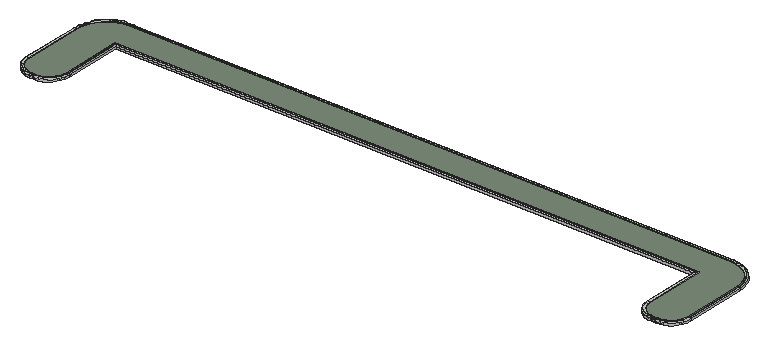
Revit family
Parameters (values of type "15 Spaces")
  Parking Depth = 4800 mm
  Parking Width [instance] = 36000 mm
Types (3, lengths in mm): name | Parking Width
  (no name) | 36000
  15 Spaces | 36000
  20 Spaces | 48000
Reference planes
  plane 1: z = 0
  plane 2 "Center (Left/Right)": x = -1955.8
  plane 3: x = -42731
  plane 4: y = -6223
  plane 5: y = -1423
  plane 6: x = -40343.4
  plane 7: x = -4343.4
  plane 8: y = 405.8
  plane 9: x = -40191
  plane 10: x = -42883.4
  plane 11: y = 558.2
  plane 12: y = -1575.4
  plane 13: x = -1803.4
  plane 14: x = -4495.8
  plane 15: y = -6375.4
Forms (mm)
  Sweep 1, solid, material "Concrete - Cast-in-Place Concrete"
    path origin (0, 0, 0) x (1, 0, 0) y (0, 1, 0)
      loop
        arc (-4495.8, -5156.2) -> (-4138.705, -6018.305) -> (-3276.6, -6375.4) r 1219.2
        line (-3276.6, -6375.4) -> (-3022.6, -6375.4)
        arc (-3022.6, -6375.4) -> (-2160.495, -6018.305) -> (-1803.4, -5156.2) r 1219.2
        line (-1803.4, -5156.2) -> (-1803.4, -1423)
        arc (-1803.4, -1423) -> (-2383.68, -22.08) -> (-3784.6, 558.2) r 1981.2
        line (-3784.6, 558.2) -> (-40902.2, 558.2)
        arc (-40902.2, 558.2) -> (-42303.12, -22.08) -> (-42883.4, -1423) r 1981.2
        line (-42883.4, -1423) -> (-42883.4, -5156.2)
        arc (-42883.4, -5156.2) -> (-42526.305, -6018.305) -> (-41664.2, -6375.4) r 1219.2
        line (-41664.2, -6375.4) -> (-41410.2, -6375.4)
        arc (-41410.2, -6375.4) -> (-40548.095, -6018.305) -> (-40191, -5156.2) r 1219.2
        line (-40191, -5156.2) -> (-40191, -1575.4) -> (-4495.8, -1575.4) -> (-4495.8, -5156.2)
    profile origin (0, -3365.8, 0) x (-1, 0, 0) y (0, 0, 1)
      loop
        line (4495.8, 0) -> (4495.8, 127)
        arc (4495.8, 127) -> (4480.921, 162.921) -> (4445, 177.8) r 50.8
        line (4445, 177.8) -> (4318, 177.8) -> (4318, 0) -> (4495.8, 0)
  Extrusion 2, solid, material "Site - Grass"
    sketch origin (0, 0, 0) x (1, 0, 0) y (0, 1, 0)
      loop
        line (-1955.8, -5181.6) -> (-1955.8, -1423)
        arc (-1955.8, -1423) -> (-2491.443, -129.843) -> (-3784.6, 405.8) r 1828.8
        line (-3784.6, 405.8) -> (-40902.2, 405.8)
        arc (-40902.2, 405.8) -> (-42195.357, -129.843) -> (-42731, -1423) r 1828.8
        line (-42731, -1423) -> (-42731, -5181.6)
        arc (-42731, -5181.6) -> (-42425.981, -5917.981) -> (-41689.6, -6223) r 1041.4
        line (-41689.6, -6223) -> (-41384.8, -6223)
        arc (-41384.8, -6223) -> (-40648.419, -5917.981) -> (-40343.4, -5181.6) r 1041.4
        line (-40343.4, -5181.6) -> (-40343.4, -1423) -> (-4343.4, -1423) -> (-4343.4, -5181.6)
        arc (-4343.4, -5181.6) -> (-4038.381, -5917.981) -> (-3302, -6223) r 1041.4
        line (-3302, -6223) -> (-2997.2, -6223)
        arc (-2997.2, -6223) -> (-2260.819, -5917.981) -> (-1955.8, -5181.6) r 1041.4
    from 0 to 177.8
Lines and regions (mm)
  symbolic lines, style "Parking Island"
    curve 1: line (-42731, -1423, 0) -> (-42731, -5181.655, 0)
    curve 2: line (-40343.4, -5181.655, 0) -> (-40343.4, -1423, 0)
    curve 3: line (-40343.4, -1423, 0) -> (-4343.4, -1423, 0)
    curve 4: line (-3784.6, 405.8, 0) -> (-40902.2, 405.8, 0)
    curve 5: line (-4343.4, -1423, 0) -> (-4343.4, -5181.6, 0)
    curve 6: arc (-4343.4, -5181.6, 0) -> (-4038.381, -5917.981, 0) -> (-3302, -6223, 0) r 1041.4
    curve 7: line (-3302, -6223, 0) -> (-2997.2, -6223, 0)
    curve 8: arc (-2997.2, -6223, 0) -> (-2260.819, -5917.981, 0) -> (-1955.8, -5181.6, 0) r 1041.4
    curve 9: line (-1955.8, -5181.6, 0) -> (-1955.8, -1423, 0)
    curve 10: line (-40343.4, -1423, 0) -> (-40343.4, -5181.655, 0)
    curve 11: arc (-1955.8, -1423, 0) -> (-2491.443, -129.843, 0) -> (-3784.6, 405.8, 0) r 1828.8
    curve 12: arc (-40902.2, 405.8, 0) -> (-42195.357, -129.843, 0) -> (-42731, -1423, 0) r 1828.8
    curve 13: arc (-40343.4, -5181.655, 0) -> (-40648.419, -5918.036, 0) -> (-41384.8, -6223.055, 0) r 1041.4
    curve 14: line (-41384.8, -6223.055, 0) -> (-41689.6, -6223.055, 0)
    curve 15: arc (-41689.6, -6223.055, 0) -> (-42425.981, -5918.036, 0) -> (-42731, -5181.655, 0) r 1041.4
Dimensions and locks
  plane 3 to plane 6 = 2387.6 mm
  plane 7 to plane 2 "Center (Left/Right)" = 2387.6 mm
  "Parking Width": plane 6 to plane 7
  locked: plane 8 to plane 11 at 152.4
  locked: plane 5 to plane 12 at 152.4
  locked: plane 6 to plane 9 at 152.4
  locked: plane 10 to plane 3 at 152.4
  locked: plane 14 to plane 7 at 152.4
  locked: plane 2 "Center (Left/Right)" to plane 13 at 152.4
  locked: plane 4 to plane 15 at 152.4
  plane 5 to plane 8 = 1828.8 mm
  "Parking Depth": plane 5 to plane 4
  aligned and locked: Extrusion 2 sketch curve to plane 8
  aligned and locked: plane 6 to Extrusion 2 sketch curve
  aligned and locked: Extrusion 2 sketch curve to plane 3
  aligned and locked: Extrusion 2 sketch curve to plane 2 "Center (Left/Right)"
  aligned and locked: plane 9 to Sweep 1 sketch curve
  aligned and locked: plane 10 to Sweep 1 sketch curve
  aligned and locked: Sweep 1 sketch curve to plane 11
  aligned and locked: plane 12 to Sweep 1 sketch curve
  aligned and locked: plane 15 to Sweep 1 sketch curve
  aligned and locked: Sweep 1 sketch curve to plane 14
  aligned and locked: curve 9 to plane 2 "Center (Left/Right)"
  aligned and locked: plane 4 to curve 7
  aligned and locked: plane 7 to curve 5
  aligned and locked: curve 4 to plane 8
  aligned and locked: plane 6 to curve 10
  aligned and locked: plane 3 to curve 1
  aligned and locked: Extrusion 2 sketch curve to curve 5
Automatic sketch dimensions
  Sweep 1 sketch curve to level = 0 mm
  Sweep 1 sketch curve to profile plane = 0 mm
  profile plane to Sweep 1 sketch curve = 50.8 mm
  Sweep 1 sketch curve to Sweep 1 sketch curve = 127 mm  (x2)
  Sweep 1 sketch curve to plane 5 = 0 mm
  Sweep 1 sketch curve to plane 15 = 0 mm
  Sweep 1 sketch curve to plane 13 = 0 mm
  Sweep 1 sketch curve to plane 3 = 1066.8 mm
  Sweep 1 sketch curve to Sweep 1 sketch curve = 254 mm  (x2)
  Sweep 1 sketch curve to plane 2 "Center (Left/Right)" = 1828.8 mm
  Sweep 1 sketch curve to plane 2 "Center (Left/Right)" = 1320.8 mm
  Extrusion 2 sketch curve to plane 4 = 0 mm  (x2)
  Extrusion 2 sketch curve to plane 5 = 0 mm  (x3)
  Extrusion 2 sketch curve to plane 3 = 1041.4 mm
  Extrusion 2 sketch curve to Extrusion 2 sketch curve = 304.8 mm  (x2)
  Extrusion 2 sketch curve to plane 2 "Center (Left/Right)" = 1346.2 mm
  curve 12 to plane 5 = 0 mm
  curve 11 to plane 5 = 0 mm
  curve 10 to plane 5 = 0 mm
  curve 15 to curve 2 = 1346.2 mm
  curve 7 to plane 2 "Center (Left/Right)" = 1346.2 mm
  curve 6 to curve 8 = 304.8 mm
  curve 14 to plane 4 = 0.055 mm
  curve 14 to curve 14 = 304.8 mm
